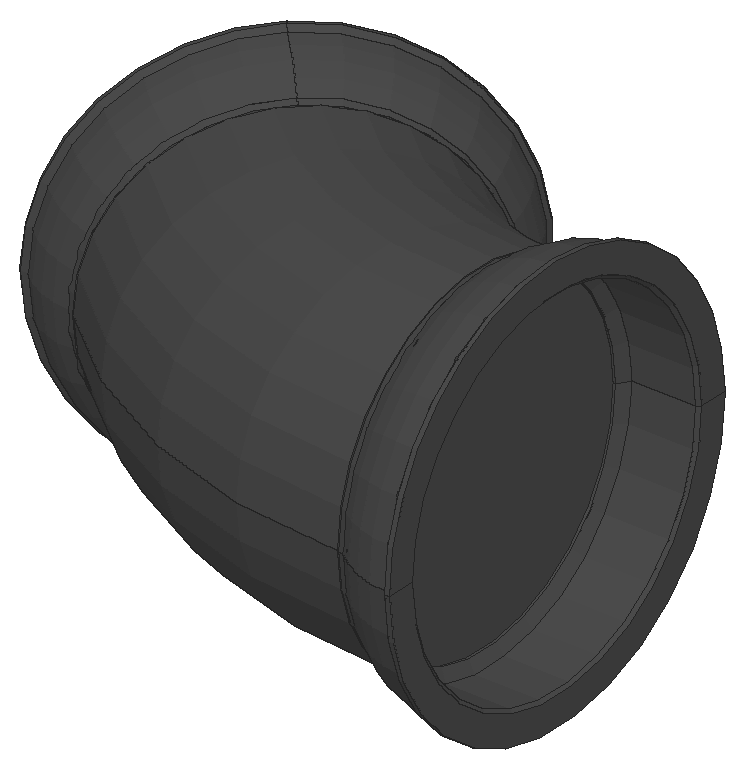
Revit family "FoFo_BB_Curva45", category Pipe Fittings, Revit 2025
Family settings
  Round Connector Dimension = Use Radius
  Part Type = Elbow
  OmniClass Number = 23.60.30.11.14
  OmniClass Title = Pipework Fittings
  Work Plane-Based = Yes
  Always vertical = No
  Cut with Voids When Loaded = No
  Shared = Yes
Parameters (values of type "C45JGS_0500")
  Material_Conexao = FOFO
  Manufacturer = "SGC"
  Loss Method = K Coefficient from Table
  K Coefficient Table = "Tee"
  Junta_1_Tipo = FoFo_BO_Junta : JGS_0500
  Description = "Curva 45"
  Default Elevation = 0.0 mm
  DN = "500"
  Corpo_R = Corpo_L / tan(22.50°)  # 579.411 mm
  Corpo_L = 240.0 mm
  Corpo_RE1 = 0.5 * Corpo_DE  # 266.0 mm
  Corpo_DE = 532.0 mm
Reference planes
  plane 1 "EixoP": y = 205.208
  plane 2: z = 0
  plane 3 "EixoS": x = 434.476
  plane 4: y = 784.619
  plane 5: x = 674.476
Forms (mm)
  Sweep 1, solid, material "FOFO" <- "Material_Conexao"
    path origin (0, 0, 0) x (1, 0, 0) y (0, 1, 0)
      loop
        arc (674.476, 205.208) -> (452.745, 249.313) -> (264.77, 374.914) r 579.411
    profile origin (452.745, 249.313, 0) x (-0.382683, -0.92388, 0) y (0, 0, 1)
      loop
        circle (0, 0) r 266
Lines and regions (mm)
  model lines, style "PipeFittingCenterLine"
    curve 1: line (264.77, 374.914, -189) -> (264.77, 374.914, 189)
  reference lines
    curve 2: line (434.476, 205.208, 0) -> (674.476, 205.208, 0)
    curve 3: line (264.77, 374.914, 0) -> (434.476, 205.208, 0)
Dimensions and locks
  "Corpo_L": plane 5 to plane 3 "EixoS"
  "Corpo_R": plane 4 to plane 1 "EixoP"
  "Corpo_DE": diameter of Sweep 1 sketch curve
  locked: plane 5 to plane 1 "EixoP" (angle 90.00°)
  locked: Sweep 1 sketch curve to Sweep 1 sketch curve (angle 45.00°)
  locked: curve 2 to curve 3 (angle 135.00°)
  aligned and locked: plane 3 "EixoS" to curve 2
  aligned and locked: Sweep 1 to curve 2
  aligned and locked: curve 2 to plane 1 "EixoP"
  aligned and locked: curve 2 to nested 1
  aligned and locked: plane 5 to nested 1
Automatic sketch dimensions
  plane 1 "EixoP" to Sweep 1 sketch curve = 0.0 mm
  Sweep 1 sketch curve to plane 5 = 0.0 mm
  Sweep 1 sketch curve to plane 4 = 0.0 mm
  curve 1 to level = 189.0 mm
  level to curve 1 = 189.0 mm
  curve 2 to plane 5 = 0.0 mm
  level to Sweep 1 sketch curve = 0.0 mm
  Sweep 1 sketch curve to profile plane = 0.0 mm
Nested families
  nested 1: "FoFo_BO_Junta" at (-1943.774, 205.208, 0), type <- "Junta_1_Tipo", type "JGS_0500"
  nested 2: "FoFo_BO_Junta" at (2116.152, -1476.469, 0) x (-0.7071, 0.7071, 0) z (-0.7071, -0.7071, 0), type <- "Junta_1_Tipo", type "JGS_0500"
Connectors
  piping at (674.476, 205.208, 0), diameter 532, driven by "Corpo_RE1"
    settings: on Sweep 1, index 1, connector inside diameter 24", connector length 0.0 mm, flow factor 0, pipe flow 0 GPM, pressure drop 0.00 psi, fitting loss kfactor 0, connector angle 0.00°, fixture units 0, engagement length 0.0 mm, angle of deflection 0.00°, flow configuration 0, flow direction 0, fitting loss method 0, system type 7, joint type 0, gender type 0, connector reference index -1, connector utility 0, adjustable connector no, is connector primary yes, connector description ""
  piping at (264.77, 374.914, 0), diameter 532, driven by "Corpo_RE1"
    settings: on Sweep 1, index 2, connector inside diameter 24", connector length 0.0 mm, flow factor 0, pipe flow 0 GPM, pressure drop 0.00 psi, fitting loss kfactor 0, connector angle 0.00°, fixture units 0, engagement length 0.0 mm, angle of deflection 0.00°, flow configuration 0, flow direction 0, fitting loss method 0, system type 7, joint type 0, gender type 0, connector reference index -1, connector utility 0, adjustable connector no, is connector primary no, connector description ""
Definition of nested family "FoFo_BO_Junta"
  Parameters (values of type "JGS_0400")
    Manufacturer = "SGC"
    Loss Method = 1
    K Coefficient Table = "Tee"
    Description = "Bolsas JGS - JTI - JTE"
    Default Elevation = 0.0 mm
    DN = "400"
    Bolsa_RL = 0.5 * Bolsa_DL  # 200.0 mm
    Material_Conexao = none
    Bolsa_DL = 400.0 mm
    Bolsa_Borde3 = Bolsa_Borde1 * 1.1  # 7.7 mm
    Bolsa_Borde1 = 7.0 mm
    Bolsa_RI = 0.5 * Bolsa_DI  # 216.0 mm
    Bolsa_RE = 0.5 * Bolsa_DE  # 214.5 mm
    Bolsa_RB = 0.5 * Bolsa_DB  # 258.5 mm
    Bolsa_Borde2 = Bolsa_Borde1 * 2  # 14.0 mm
    Bolsa_P = 112.0 mm
    Bolsa_E2 = 0.5 * Bolsa_E  # 3.0 mm
    Bolsa_E = 6.0 mm
    Bolsa_DI = 432.0 mm
    Bolsa_DE = 429.0 mm
    Bolsa_DB = 517.0 mm
  Types (16, lengths in mm): name | DN | Bolsa_RL | Bolsa_DL | Bolsa_RI | Bolsa_RE | Bolsa_RB | Bolsa_P | Bolsa_DI | Bolsa_DE | Bolsa_DB
    JGS_1200 | "1200" | 600.0 | 1200.0 | 629.0 | 627.5 | 706.0 | 167.0 | 1258.0 | 1255.0 | 1412.0
    JGS_1000 | "1000" | 500.0 | 1000.0 | 525.5 | 524.0 | 595.5 | 157.0 | 1051.0 | 1048.0 | 1191.0
    JGS_0900 | "900" | 450.0 | 900.0 | 474.0 | 472.5 | 541.0 | 147.0 | 948.0 | 945.0 | 1082.0
    JGS_0800 | "800" | 400.0 | 800.0 | 422.5 | 421.0 | 487.0 | 147.0 | 845.0 | 842.0 | 974.0
    JGS_0700 | "700" | 350.0 | 700.0 | 370.5 | 369.0 | 431.5 | 147.0 | 741.0 | 738.0 | 863.0
    JGS_0600 | "600" | 300.0 | 600.0 | 319.0 | 317.5 | 369.5 | 122.0 | 638.0 | 635.0 | 739.0
    JGS_0500 | "500" | 250.0 | 500.0 | 267.5 | 266.0 | 315.0 | 117.0 | 535.0 | 532.0 | 630.0
    JGS_0450 | "450" | 225.0 | 450.0 | 241.5 | 240.0 | 287.5 | 115.0 | 483.0 | 480.0 | 575.0
    JGS_0400 | "400" | 200.0 | 400.0 | 216.0 | 214.5 | 258.5 | 112.0 | 432.0 | 429.0 | 517.0
    JGS_0350 | "350" | 175.0 | 350.0 | 190.5 | 189.0 | 232.5 | 110.0 | 381.0 | 378.0 | 465.0
    JGS_0300 | "300" | 150.0 | 300.0 | 164.5 | 163.0 | 205.0 | 107.0 | 329.0 | 326.0 | 410.0
    JGS_0250 | "250" | 125.0 | 250.0 | 138.5 | 137.0 | 176.5 | 105.0 | 277.0 | 274.0 | 353.0
    JGS_0200 | "200" | 100.0 | 200.0 | 112.5 | 111.0 | 148.0 | 106.0 | 225.0 | 222.0 | 296.0
    JGS_0150 | "150" | 75.0 | 150.0 | 86.5 | 85.0 | 121.5 | 100.0 | 173.0 | 170.0 | 243.0
    JGS_0100 | "100" | 50.0 | 100.0 | 60.5 | 59.0 | 94.5 | 94.0 | 121.0 | 118.0 | 189.0
    JGS_0080 | "80" | 40.0 | 80.0 | 50.5 | 49.0 | 84.0 | 92.0 | 101.0 | 98.0 | 168.0
  Reference planes
    plane 1 "EixoP": y = 0
    plane 2: z = 0
    plane 3 "EixoS": x = 2618.25
    plane 4: x = 2730.25
    plane 5: y = 258.5
    plane 6: y = 216
    plane 7: y = 214.5
    plane 8: y = 200
  Forms (mm)
    Revolve 1, solid, material <- "Material_Conexao"
      sketch origin (-3000, 0, 0) x (1, 0, 0) y (0, 1, 0)
        loop
          arc (5716.25, 250.8) -> (5670.117, 241.457) -> (5628.857, 218.804) r 156.302
          line (5628.857, 218.804) -> (5618.25, 214.5) -> (5618.25, 200.5) -> (5623.25, 200.5) -> (5633.25, 216) -> (5725.25, 216) -> (5730.25, 221) -> (5730.25, 258.5) -> (5723.25, 258.5) -> (5716.25, 250.8)
        axis (5618.25, 0) -> (5730.25, 0)
      angle from 0 to 360
  Lines and regions (mm)
    model lines
      curve 1: line (2731.572, 0, 0) -> (2618.25, 0, 0)
      curve 2: line (2618.25, 0, 200.5) -> (2618.25, 0, -200.5)
  Dimensions and locks
    "Bolsa_Borde1": Revolve 1 sketch curve to Revolve 1 sketch curve
    "Bolsa_Borde2": Revolve 1 sketch curve to Revolve 1 sketch curve
    "Bolsa_Borde3": Revolve 1 sketch curve to Revolve 1 sketch curve
    "Bolsa_P": plane 3 "EixoS" to Revolve 1 sketch curve
    "Bolsa_P": plane 4 to plane 3 "EixoS"
    "Bolsa_RB": plane 5 to plane 1 "EixoP"
    "Bolsa_RI": plane 6 to plane 1 "EixoP"
    "Bolsa_RE": plane 7 to plane 1 "EixoP"
    "Bolsa_RL": plane 8 to plane 1 "EixoP"
    aligned and locked: Revolve 1 sketch curve to plane 1 "EixoP"
    aligned and locked: Revolve 1 sketch curve to plane 5
    aligned and locked: plane 6 to Revolve 1 sketch curve
    aligned and locked: curve 1 to plane 1 "EixoP"
    aligned and locked: curve 2 to plane 1 "EixoP"
  Automatic sketch dimensions
    curve 1 to plane 3 "EixoS" = 0.0 mm
    plane 4 to curve 1 = 1.322 mm
    curve 2 to level = 200.5 mm
    level to curve 2 = 200.5 mm
    Revolve 1 sketch curve to plane 3 "EixoS" = 0.0 mm  (x2)
    Revolve 1 sketch curve to plane 7 = 0.0 mm
    plane 8 to Revolve 1 sketch curve = 0.5 mm
    plane 3 "EixoS" to Revolve 1 sketch curve = 5.0 mm
    plane 6 to Revolve 1 sketch curve = 2.804 mm
    plane 3 "EixoS" to Revolve 1 sketch curve = 10.607 mm
    Revolve 1 sketch curve to Revolve 1 sketch curve = 4.393 mm
    Revolve 1 sketch curve to plane 4 = 6.397 mm
    Revolve 1 sketch curve to plane 4 = 5.0 mm
    plane 6 to Revolve 1 sketch curve = 5.0 mm
    plane 4 to Revolve 1 sketch curve = 9.153 mm
Types in the file's own list only (15): name | Junta_1_Tipo | DN | Corpo_R | Corpo_L | Corpo_RE1 | Corpo_DE
  C45JGS_0080 | FoFo_BO_Junta : JGS_0080 | "80" | 132.8 mm | 55.0 mm | 49.0 mm | 98.0 mm
  C45JGS_0100 | FoFo_BO_Junta : JGS_0100 | "100" | 156.9 mm | 65.0 mm | 59.0 mm | 118.0 mm
  C45JGS_0150 | FoFo_BO_Junta : JGS_0150 | "150" | 205.2 mm | 85.0 mm | 85.0 mm | 170.0 mm
  C45JGS_0200 | FoFo_BO_Junta : JGS_0200 | "200" | 265.6 mm | 110.0 mm | 111.0 mm | 222.0 mm
  C45JGS_0250 | FoFo_BO_Junta : JGS_0250 | "250" | 313.8 mm | 130.0 mm | 137.0 mm | 274.0 mm
  C45JGS_0300 | FoFo_BO_Junta : JGS_0300 | "300" | 362.1 mm | 150.0 mm | 163.0 mm | 326.0 mm
  C45JGS_0350 | FoFo_BO_Junta : JGS_0350 | "350" | 422.5 mm | 175.0 mm | 189.0 mm | 378.0 mm
  C45JGS_0400 | FoFo_BO_Junta : JGS_0400 | "400" | 470.8 mm | 195.0 mm | 214.5 mm | 429.0 mm
  C45JGS_0450 | FoFo_BO_Junta : JGS_0450 | "450" | 531.1 mm | 220.0 mm | 240.0 mm | 480.0 mm
  C45JGS_0600 | FoFo_BO_Junta : JGS_0600 | "600" | 688.1 mm | 285.0 mm | 317.5 mm | 635.0 mm
  C45JGS_0700 | FoFo_BO_Junta : JGS_0700 | "700" | 796.7 mm | 330.0 mm | 369.0 mm | 738.0 mm
  C45JGS_0800 | FoFo_BO_Junta : JGS_0800 | "800" | 893.3 mm | 370.0 mm | 421.0 mm | 842.0 mm
  C45JGS_0900 | FoFo_BO_Junta : JGS_0900 | "900" | 1001.9 mm | 415.0 mm | 472.5 mm | 945.0 mm
  C45JGS_1000 | FoFo_BO_Junta : JGS_1000 | "1000" | 1110.5 mm | 460.0 mm | 524.0 mm | 1048.0 mm
  C45JGS_1200 | FoFo_BO_Junta : JGS_1200 | "1200" | 1327.8 mm | 550.0 mm | 627.5 mm | 1255.0 mm
